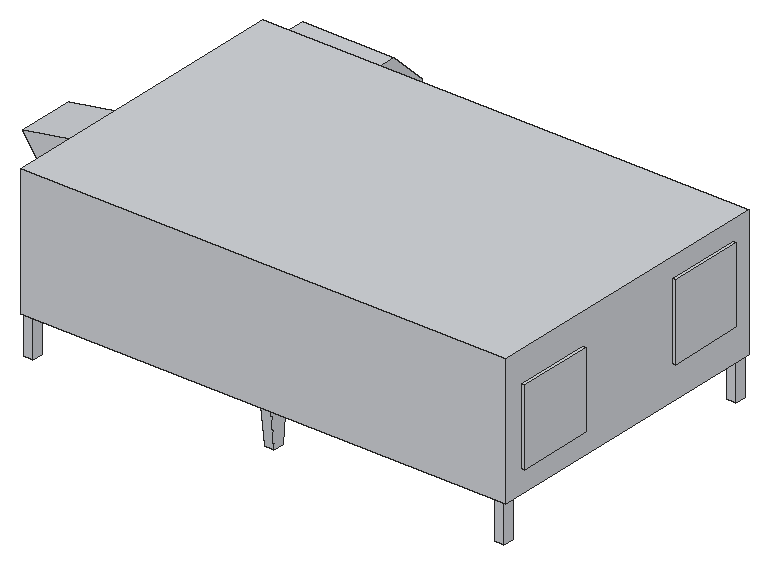
Revit family "Multi N DV2500N", category Generic Models, Revit 2013
Parameters
  Width mm = 2560 mm
  Warranty = "1 Year"
  Voltage Supply      Single Phase = "400v ac"
  Versatile positioning ,floor and ceiling susupended options = "Yes"
  Summer/Winter by-pass = "Yes"
  Summer By-pass = "Automatic 100%"
  Safety cut off switch Pressure sensors for filter monitoring = "Yes"
  Roof Top model = "Yes"
  Pre Heater = "option"
  Part number = "9041534"
  Model = "MULTI-N DV2500N"
  Meets Building regulations Pat L2A and L2B = "Yes"
  Max Air Volume  m3/hr = "3600"
  Lockable doors = "Yes"
  Interchangeable spigot connections = "Yes"
  Insulated Base Frame = "Yes"
  Humidity control (optional) = "Yes"
  Height mm = 685 mm
  Heat Recovery = "<95%"
  Heat Exchanger = "Cross Counterflow"
  Frequency = "50Hz"
  Filter maintenance reminder = "Yes"
  Electronic control panel with LCD display = "Yes"
  EC motor for fine speed control and low SFP = "Yes"
  Duct Connections = "4x400x400mm"
  Double skinned insulated casing avoids thermal bridging = "Yes"
  Depth mm = 2500 mm
  Control Standard = "BMS/Internet"
  Control Optional .. = "Temperature"
  Control Optional . = "Co2"
  Control Optional = "Humidity"
  Carbon dioxide control (optional) = "Yes"
  Balanced supply and extract air ventilation with heat recovery = "Yes"
  BREEAM applicable = "Yes"
  Anti frost protection = "option"
  Air Filters = "M5 and F17"
  After Heater = "option"
  10 speed digital control and BMS and Internet control = "Yes"
Reference planes
  plane 1 "Center (Front/Back)": y = 0
  plane 2: z = 0
  plane 3 "Center (Left/Right)": x = 0
  plane 4: z = -85.437
  plane 5: y = -802.5
  plane 6: z = 599.563
  plane 7: x = -1280
  plane 8: x = 1280
  plane 9: y = 802.5
  plane 10: y = -697.5
  plane 11: y = -297.5
  plane 12: y = 697.5
  plane 13: y = 297.5
  plane 14: y = 497.5
  plane 15: x = -1665
  plane 16: y = -675
  plane 17: y = -475
  plane 18: z = 169.563
  plane 19: z = 345
  plane 20: y = -207.5
  plane 21: z = -30.437
  plane 22: z = 269.563
  plane 23: x = -1434
  plane 24: y = 982.5
  plane 25: z = 354.563
  plane 26: y = 1162.5
  plane 27: y = 982.5
  plane 28: x = -975.5
  plane 29: y = -497.5
  plane 30: x = -1218
  plane 31: y = -275
  plane 32: x = -733
  plane 33: z = 64.562
  plane 34: through (0, 982.5, 535.441) normal (0, -0.7071, -0.7071)
  plane 35: z = 99.562
  plane 36: z = 499.563
  plane 37: z = 499.563
  plane 38: z = 409.562
  plane 39: z = 89.562
  plane 40: z = 489.563
  plane 41: x = -1434
  plane 42: y = -355
  plane 43: y = -595
  plane 44: y = -335
  plane 45: through (-1280, -275, 1200) normal (0.154, -0.9881, 0)
  plane 46: through (-1665, -335, 1200) normal (0.8272, 0.562, 0)
  plane 47: z = 429.562
  plane 48: through (-1665, -1524, 429.563) normal (-0.1789, 0, 0.9839)
  plane 49: through (-1665, -1524, 429.563) normal (0.8272, 0, 0.562)
Forms (mm)
  Extrusion 1, solid
    sketch origin (0, 0, 0) x (1, 0, 0) y (0, 1, 0)
      loop
        line (-1280, 802.5) -> (-1280, -800) -> (1280, -800) -> (1280, 802.5) -> (-1280, 802.5)
    from 599.563 to -85.437
  Extrusion 2, solid
    sketch origin (1280, 636.767, 75.024) x (0, -1, 0) y (0, 0, -1)
      loop
        line (339.267, -424.539) -> (339.267, -24.539) -> (-60.733, -24.539) -> (-60.733, -424.539) -> (339.267, -424.539)
    from 0 to 20
  Extrusion 3, solid
    sketch origin (1280, -408.233, -9.976) x (0, -1, 0) y (0, 0, -1)
      loop
        line (289.267, -449.539) -> (289.267, -49.539) -> (-110.733, -49.539) -> (-110.733, -449.539) -> (289.267, -449.539)
    from 0 to 20
  Extrusion 4, solid
    sketch origin (-1396.875, 802.5, 122.5) x (1, 0, 0) y (0, 0, -1)
      loop
        line (663.875, -412.063) -> (663.875, 57.937) -> (178.723, 57.937) -> (178.723, -412.063) -> (663.875, -412.063)
    from 0 to 360
  Extrusion 5, solid
    sketch origin (0, 0, 0) x (1, 0, 0) y (0, 0, 1)
      loop
        line (-1280, 499.563) -> (-1665, 429.563) -> (-1434, 89.563) -> (-1280, 89.562) -> (-1280, 499.563)
    from 0 to 300
  Extrusion 6, void
    sketch origin (-1218, 739.407, 1200) x (0, 1, 0) y (0, 0, 1)
      loop
        line (243.971, -665.437) -> (423.093, -844.559) -> (423.093, -665.437) -> (243.971, -665.437)
    from 0 to 485
  Extrusion 7, solid
    sketch origin (-1218, 699.407, 1200) x (0, -1, 0) y (0, 0, 1)
      loop
        line (-93.093, -1285.437) -> (-93.093, -1485.437) -> (-38.093, -1485.437) -> (-38.093, -1285.437) -> (-93.093, -1285.437)
      loop
        line (1436.907, -1285.438) -> (1436.907, -1485.438) -> (1491.907, -1485.438) -> (1491.907, -1285.438) -> (1436.907, -1285.438)
    from 0 to 50
  Extrusion 8, solid
    sketch origin (1218, 699.407, 1200) x (0, -1, 0) y (0, 0, -1)
      loop
        line (-93.093, 1285.437) -> (-38.093, 1285.437) -> (-38.093, 1485.437) -> (-93.093, 1485.437) -> (-93.093, 1285.437)
      loop
        line (1436.907, 1285.438) -> (1491.907, 1285.438) -> (1491.907, 1485.438) -> (1436.907, 1485.438) -> (1436.907, 1285.438)
    from 0 to 50
  Extrusion 9, solid
    sketch origin (1218, 699.407, 1200) x (0, -1, 0) y (0, 0, -1)
      loop
        line (-93.093, 1285.437) -> (-38.093, 1285.437) -> (-38.093, 1485.437) -> (-93.093, 1485.437) -> (-93.093, 1285.437)
      loop
        line (1436.907, 1285.438) -> (1491.907, 1285.438) -> (1491.907, 1485.438) -> (1436.907, 1485.438) -> (1436.907, 1285.438)
    from 0 to 50
  Extrusion 10, solid
    sketch origin (-22, 699.407, 1200) x (0, -1, 0) y (0, 0, -1)
      loop
        line (-95.593, 1285.437) -> (4.407, 1285.437) -> (-18.093, 1485.437) -> (-74.572, 1485.437) -> (-95.593, 1285.437)
      loop
        line (1461.907, 1485.438) -> (1405.428, 1485.438) -> (1384.407, 1285.437) -> (1484.407, 1285.437) -> (1461.907, 1485.438)
    from 0 to 50
Cuts and joins
  Extrusion 6 cuts Extrusion 4
Dimensions and locks
  plane 4 to plane 6 = 685 mm  (x3)
  plane 5 to plane 1 "Center (Front/Back)" = 802.5 mm  (x2)
  plane 7 to plane 3 "Center (Left/Right)" = 1280 mm
  plane 3 "Center (Left/Right)" to Extrusion 1 = 1280 mm
  plane 5 to plane 9 = 1605 mm
  plane 1 "Center (Front/Back)" to plane 9 = 802.5 mm
  plane 7 to plane 8 = 2560 mm
  plane 5 to plane 10 = 105 mm
  plane 10 to plane 11 = 400 mm
  plane 12 to plane 9 = 105 mm
  plane 13 to plane 12 = 400 mm
  plane 13 to plane 14 = 200 mm
  plane 9 to plane 12 = 105 mm
  plane 12 to plane 13 = 400 mm
  plane 10 to plane 5 = 105 mm
  plane 11 to plane 10 = 400 mm
  plane 15 to plane 7 = 385 mm  (x2)
  plane 16 to plane 17 = 200 mm
  plane 21 to plane 18 = 200 mm  (x2)
  plane 16 to Extrusion 1 = 125 mm
  plane 4 to plane 21 = 55 mm
  plane 9 to plane 24 = 180 mm
  Extrusion 4 to Extrusion 4 = 470 mm  (x2)
  Extrusion 1 to Extrusion 1 = 685 mm
  Extrusion 4 to Extrusion 1 = 360 mm
  Extrusion 1 to Extrusion 4 = 360 mm
  plane 9 to plane 27 = 180 mm
  plane 29 to plane 11 = 200 mm
  plane 14 to plane 12 = 200 mm
  plane 7 to plane 30 = 62 mm
  plane 30 to plane 28 = 242.5 mm
  Extrusion 1 to plane 16 = 125 mm
  plane 17 to plane 31 = 200 mm
  plane 30 to plane 32 = 485 mm
  plane 4 to plane 33 = 150 mm
  level to Extrusion 4 = 534.563 mm
  plane 25 to plane 33 = 290 mm
  plane 33 to plane 19 = 280.438 mm
  plane 35 to plane 36 = 400 mm
  plane 37 to plane 6 = 100 mm
  plane 38 to plane 6 = 190 mm
  plane 4 to plane 39 = 175 mm
  plane 39 to plane 38 = 320 mm
  plane 21 to plane 22 = 300 mm
  plane 39 to plane 4 = 175 mm
  plane 41 to Extrusion 1 = 154 mm
  plane 42 to plane 31 = 80 mm
  plane 43 to plane 42 = 240 mm
  plane 42 to plane 44 = 20 mm
  Extrusion 1 to plane 41 = 154 mm
  plane 47 to plane 38 = 20 mm
  plane 26 to Extrusion 1 = 360 mm
  Extrusion 4 sketch curve to plane 6 = 65 mm
  aligned and locked: level to plane 2
Connectors
  hvac at (1300, -497.5, 239.562)
    settings: on Extrusion 3, index 1, duct flow 0.0 L/s, flow factor 0, pres drop 0.0 Pa, loss coef 0, conn angle 0.00°, conn width 400 mm, conn height 400 mm, conn radius 304.8 mm, duct sys type 2, conn prof type 1, flow config 0, flow direction 1, loss method 0, conn ref index -1, conn util no, is conn primary yes, conn desc ""
  hvac at (1300, 497.5, 299.562)
    settings: on Extrusion 2, index 2, duct flow 0.0 L/s, flow factor 0, pres drop 0.0 Pa, loss coef 0, conn angle 0.00°, conn width 400 mm, conn height 400 mm, conn radius 304.8 mm, duct sys type 1, conn prof type 1, flow config 0, flow direction 2, loss method 0, conn ref index -1, conn util no, is conn primary no, conn desc ""
  hvac at (-1549.5, -150, 259.563)
    settings: on Extrusion 5, index 3, duct flow 0.0 L/s, flow factor 0, pres drop 0.0 Pa, loss coef 0, conn angle 0.00°, conn width 304.8 mm, conn height 390 mm, conn radius 304.8 mm, duct sys type 3, conn prof type 1, flow config 0, flow direction 2, loss method 0, conn ref index -1, conn util no, is conn primary no, conn desc ""
  hvac at (-975.576, 1162.5, 210.002)
    settings: on cut or joined group of Extrusion 4, Extrusion 6, index 4, duct flow 0.0 L/s, flow factor 0, pres drop 0.0 Pa, loss coef 0, conn angle 0.00°, conn width 485 mm, conn height 290 mm, conn radius 304.8 mm, duct sys type 3, conn prof type 1, flow config 0, flow direction 2, loss method 0, conn ref index -1, conn util no, is conn primary no, conn desc ""
